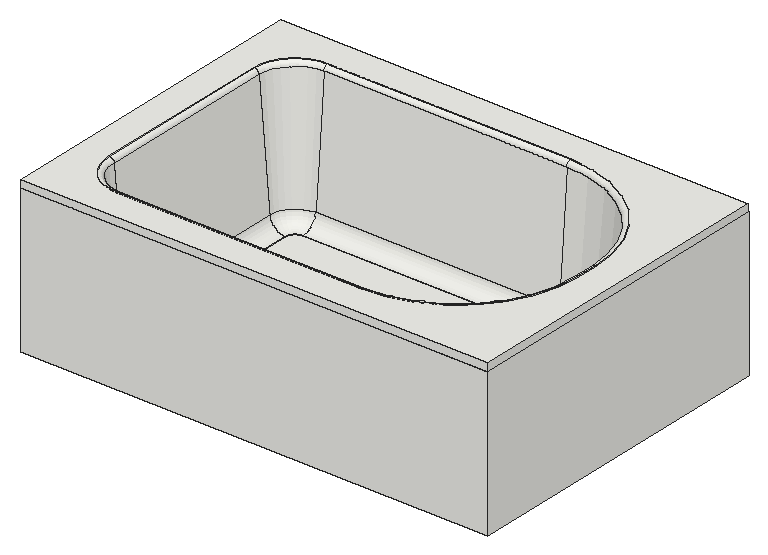
Revit family "TUB", category Plumbing Fixtures, host Wall, Revit 2023
Family settings
  Host = Wall
  Round Connector Dimension = Use Diameter
  Part Type = Normal
  Enable Cutting in Views = No
  Always vertical = Yes
  Cut with Voids When Loaded = No
  Maintain Annotation Orientation = No
  Shared = No
  Room Calculation Point = No
Parameters (values of type "squa")
  Depth = 800.00 mm
  Height = 380.00 mm
  Tub Material = Porcelain - Ivory
  Width = 1150.00 mm
  Default Elevation = 0.00 mm
Types (5, lengths in mm): name | Depth | Width
  squa | 800.00 | 1150.00
  1.5 | 762.00 | 1500.00
  M_Tub-Rectangular-3D | 762.00 | 1400.00
  1.6 | 762.00 | 1600.00
  M_Tub-140 | 762.00 | 1400.00
Reference planes
  plane 1: y = 0
  plane 2: y = 76.2
  plane 3: y = 876.2
  plane 4: x = -1110.603
  plane 5: x = 39.397
  plane 6: y = 476.2
  plane 7: x = -535.603
  plane 8: z = 380
  plane 9: z = 360.95
Forms (mm)
  Sweep 1, solid, material "Porcelain - Ivory" <- "Tub Material"
    path origin (0, 0, 380) x (0, 1, 0) y (-1, 0, 0)
      loop
        line (800, 335.203) -> (800, 932.803)
        arc (800, 932.803) -> (770.242, 1004.645) -> (698.4, 1034.403) r 101.6
        line (698.4, 1034.403) -> (254, 1034.403)
        arc (254, 1034.403) -> (182.158, 1004.645) -> (152.4, 932.803) r 101.6
        line (152.4, 932.803) -> (152.4, 335.203)
        arc (152.4, 335.203) -> (239.799, 124.202) -> (450.8, 36.803) r 298.4
        line (450.8, 36.803) -> (501.6, 36.803)
        arc (501.6, 36.803) -> (712.601, 124.202) -> (800, 335.203) r 298.4
    profile origin (-634.003, 0, 380) x (0, -1, 0) y (0, 0, 1)
      loop
        line (-800, 0) -> (-800, -364.136) -> (-723.396, -364.136) -> (-723.396, -345.086)
        arc (-723.396, -345.086) -> (-749.136, -335.077) -> (-761.351, -310.307) r 38.1
        line (-761.351, -310.307) -> (-787.522, -11.177)
        arc (-787.522, -11.177) -> (-791.624, -3.203) -> (-800, 0) r 12.554
  Extrusion 2, solid, material "Porcelain - Ivory" <- "Tub Material"
    sketch origin (-335.203, 450.8, 15.864) x (0, -1, 0) y (1, 0, 0)
      loop
        arc (-272.596, -597.6) -> (-265.275, -615.275) -> (-247.6, -622.596) r 24.996
        line (-247.6, -622.596) -> (196.8, -622.596)
        arc (196.8, -622.596) -> (214.475, -615.275) -> (221.796, -597.6) r 24.996
        line (221.796, -597.6) -> (221.796, 0)
        arc (221.796, 0) -> (156.834, 156.834) -> (0, 221.796) r 221.796
        line (0, 221.796) -> (-50.8, 221.796)
        arc (-50.8, 221.796) -> (-207.634, 156.834) -> (-272.596, 0) r 221.796
        line (-272.596, 0) -> (-272.596, -597.6)
      loop
        circle (-25.4, -578.394) r 22.225
    from 0 to 19.05
  Extrusion 3, solid, material "Porcelain - Ivory" <- "Tub Material"
    sketch origin (0, 0, 0) x (1, 0, 0) y (0, 1, 0)
      loop
        line (-1110.603, 876.2) -> (-1110.603, 76.2) -> (39.397, 76.2) -> (39.397, 876.2) -> (-1110.603, 876.2)
      loop
        line (-1091.553, 857.15) -> (-1091.553, 95.25) -> (20.347, 95.25) -> (20.347, 857.15) -> (-1091.553, 857.15)
    from 0 to 360.95
  Extrusion 4, solid, material "Porcelain - Ivory" <- "Tub Material"
    sketch origin (0, 0, 380) x (0, 1, 0) y (-1, 0, 0)
      loop
        line (876.2, 1110.603) -> (76.2, 1110.603) -> (76.2, -39.397) -> (876.2, -39.397) -> (876.2, 1110.603)
      loop
        line (800, 335.203) -> (800, 932.803)
        arc (800, 932.803) -> (770.242, 1004.645) -> (698.4, 1034.403) r 101.6
        line (698.4, 1034.403) -> (254, 1034.403)
        arc (254, 1034.403) -> (182.158, 1004.645) -> (152.4, 932.803) r 101.6
        line (152.4, 932.803) -> (152.4, 335.203)
        arc (152.4, 335.203) -> (239.799, 124.202) -> (450.8, 36.803) r 298.4
        line (450.8, 36.803) -> (501.6, 36.803)
        arc (501.6, 36.803) -> (712.601, 124.202) -> (800, 335.203) r 298.4
    from 0 to -19.05
Lines and regions (mm)
  symbolic lines
    curve 1: line (-1110.603, 876.2, 0) -> (39.397, 876.2, 0)
    curve 2: line (-1110.603, 76.2, 0) -> (-1110.603, 876.2, 0)
    curve 3: line (39.397, 76.2, 0) -> (-1110.603, 76.2, 0)
    curve 4: line (39.397, 876.2, 0) -> (39.397, 76.2, 0)
    curve 5: line (-932.803, 152.4, 0) -> (-316.203, 152.4, 0)
    curve 6: line (-1034.403, 698.4, 0) -> (-1034.403, 254, 0)
    curve 7: line (-316.203, 800, 0) -> (-932.803, 800, 0)
    curve 8: line (-17.803, 450.8, 0) -> (-17.803, 501.6, 0)
    curve 9: arc (-932.803, 800, 0) -> (-1004.645, 770.242, 0) -> (-1034.403, 698.4, 0) r 101.6
    curve 10: arc (-1034.403, 254, 0) -> (-1004.645, 182.158, 0) -> (-932.803, 152.4, 0) r 101.6
    curve 11: arc (-316.203, 800, 0) -> (-105.202, 712.601, 0) -> (-17.803, 501.6, 0) r 298.4
    curve 12: arc (-17.803, 450.8, 0) -> (-105.202, 239.799, 0) -> (-316.203, 152.4, 0) r 298.4
    curve 13: arc (-913.597, 498.425, 0) -> (-891.372, 476.2, 0) -> (-913.597, 453.975, 0) r 22.225
    curve 14: arc (-913.597, 453.975, 0) -> (-935.822, 476.2, 0) -> (-913.597, 498.425, 0) r 22.225
Text (mm)
  text "Interior" at (0, 975.983, 732.49), in view "Right"
  text "Interior" at (0, 649.11, 765.354), in view "Left"
Dimensions and locks
  equal spacing: plane 4, plane 7, plane 5
  "Width": plane 4 to plane 5
  equal spacing: plane 2, plane 6, plane 3
  "Depth": plane 2 to plane 3
  "Height": host wall to plane 8
  locked: plane 9 to plane 8 at 19.05
  aligned and locked: plane 2 to host wall
  aligned and locked: Sweep 1 sketch curve to Extrusion 4  (x2)
  aligned and locked: Extrusion 2 sketch curve to Sweep 1  (x2)
  aligned and locked: Sweep 1 to Extrusion 4
  aligned and locked: Extrusion 3 to plane 9
Automatic sketch dimensions
  Sweep 1 sketch curve to plane 8 = 0.00 mm
  Sweep 1 sketch curve to profile plane = 0.00 mm
  plane 8 to Sweep 1 sketch curve = 11.177 mm
  Sweep 1 sketch curve to profile plane = 12.478 mm
  Sweep 1 sketch curve to profile plane = 38.649 mm
  Sweep 1 sketch curve to Sweep 1 sketch curve = 37.955 mm
  Sweep 1 sketch curve to Sweep 1 sketch curve = 295.81 mm
  Sweep 1 sketch curve to Sweep 1 sketch curve = 3.321 mm
  Sweep 1 sketch curve to Sweep 1 sketch curve = 19.05 mm
  Extrusion 3 sketch curve to plane 3 = 0.00 mm
  Extrusion 3 sketch curve to plane 4 = 0.00 mm
  Extrusion 3 sketch curve to plane 2 = 0.00 mm
  Extrusion 3 sketch curve to plane 5 = 0.00 mm
  plane 4 to Extrusion 3 sketch curve = 19.05 mm
  Extrusion 3 sketch curve to Extrusion 3 sketch curve = 19.05 mm
  Extrusion 3 sketch curve to plane 2 = 19.05 mm
  plane 3 to Extrusion 3 sketch curve = 19.05 mm
  Extrusion 4 sketch curve to plane 2 = 0.00 mm
  Extrusion 4 sketch curve to plane 3 = 0.00 mm
  Extrusion 4 sketch curve to plane 2 = 76.20 mm
  plane 4 to Extrusion 4 sketch curve = 76.20 mm
  Extrusion 4 sketch curve to Extrusion 4 sketch curve = 101.60 mm
  plane 6 to Extrusion 4 sketch curve = 25.40 mm
  Extrusion 4 sketch curve to plane 6 = 25.40 mm
  Extrusion 4 sketch curve to Extrusion 4 sketch curve = 177.80 mm
  plane 3 to Extrusion 4 sketch curve = 76.20 mm
  Extrusion 4 sketch curve to plane 5 = 0.00 mm
  Extrusion 4 sketch curve to plane 4 = 0.00 mm
  Extrusion 4 sketch curve to plane 5 = 76.20 mm
  Sweep 1 sketch curve to Sweep 1 sketch curve = 101.60 mm
  plane 6 to Sweep 1 sketch curve = 25.40 mm
  Sweep 1 sketch curve to plane 6 = 25.40 mm
  plane 3 to Sweep 1 sketch curve = 177.80 mm
  plane 3 to Sweep 1 sketch curve = 76.20 mm
  plane 4 to Sweep 1 sketch curve = 177.80 mm
  Extrusion 2 sketch curve to plane 6 = 0.00 mm
  Extrusion 2 sketch curve to Extrusion 2 sketch curve = 22.225 mm
  Extrusion 2 sketch curve to plane 6 = 25.40 mm
  plane 3 to Extrusion 2 sketch curve = 177.80 mm
  plane 3 to Extrusion 2 sketch curve = 152.804 mm
  plane 6 to Extrusion 2 sketch curve = 25.40 mm
  Extrusion 2 sketch curve to Extrusion 2 sketch curve = 24.996 mm
  plane 4 to Extrusion 2 sketch curve = 197.006 mm
  plane 4 to Extrusion 2 sketch curve = 177.80 mm
  curve 3 to host wall = 0.00 mm
  curve 3 to plane 4 = 0.00 mm
  curve 14 to plane 6 = 0.00 mm
  curve 4 to plane 3 = 0.00 mm
  curve 4 to plane 5 = 0.00 mm
  plane 4 to curve 6 = 76.20 mm
  host wall to curve 5 = 76.20 mm
  curve 10 to curve 5 = 101.60 mm
  plane 3 to curve 9 = 76.20 mm
  curve 6 to curve 9 = 101.60 mm
  plane 6 to curve 14 = 22.225 mm
  curve 10 to curve 14 = 19.206 mm
  curve 7 to plane 5 = 355.60 mm
  curve 5 to curve 11 = 0.00 mm
  plane 6 to curve 12 = 25.40 mm
